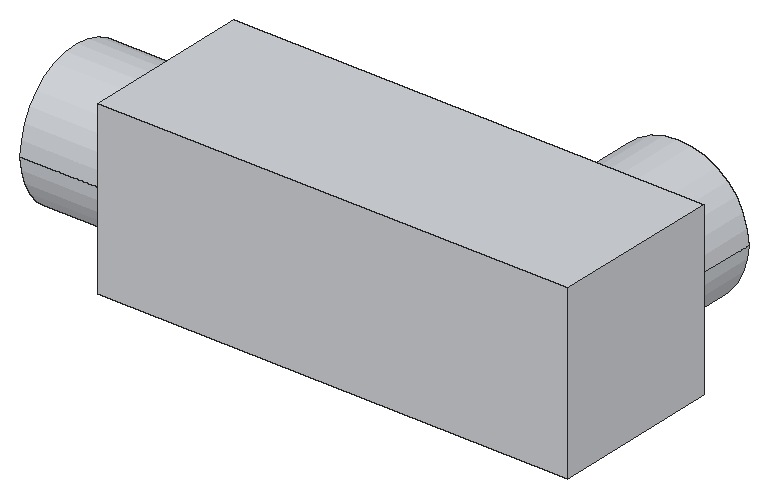
Revit family "5ad0a717a88a4d75bbf52b37fd73f551", category Conduit Fittings, Revit 2021
Family settings
  Round Connector Dimension = Use Radius
  Part Type = Junction Box Elbow
  OmniClass Number = 23.80.30.17.11
  OmniClass Title = Conduits
  Work Plane-Based = No
  Always vertical = Yes
  Cut with Voids When Loaded = No
  Shared = No
Parameters (values of type "Standard")
  Total Length 2 [instance] = size_lookup(Conduit Size Lookup, "TLgt2", 1.4 * Max Nominal Diameter 12 + 1 45/128", Max Nominal Diameter 12)  # 2"
  Total Length 1 [instance] = size_lookup(Conduit Size Lookup, "TLgt1", 3.64 * Max Nominal Diameter 12 + 2 91/128", Max Nominal Diameter 12)  # 4 5/16"
  Nominal Radius 2 [instance] = 1/4"
  Nominal Radius 1 [instance] = 1/4"
  Nominal Diameter 2 [instance] = Nominal Radius 2 * 2  # 1/2"
  Nominal Diameter 1 [instance] = Nominal Radius 1 * 2  # 1/2"
  Max Nominal Diameter 12 [instance] = if(Nominal Diameter 1 > Nominal Diameter 2, Nominal Diameter 1, Nominal Diameter 2)  # 1/2"
  Length 2 [instance] = Total Length 1 - Center to End 1  # 3/4"
  Length 1 [instance] = Center to End 1 - Conduit Length 1  # 2 7/8"
  Fitting Outside Radius 2 [instance] = Fitting Outside Diameter 2 * 0.5  # 0.54"
  Fitting Outside Radius 1 [instance] = Fitting Outside Diameter 1 * 0.5  # 0.54"
  Fitting Outside Diameter 2 [instance] = size_lookup(Conduit Size Lookup, "FOD", 1.15 * Nominal Diameter 2 + 59/128", Nominal Diameter 2)  # 1.08"
  Fitting Outside Diameter 1 [instance] = size_lookup(Conduit Size Lookup, "FOD", 1.15 * Nominal Diameter 1 + 59/128", Nominal Diameter 1)  # 1.08"
  Default Elevation = 0' - 0"
  Conduit Size Lookup = "Conduit Body - Type L - Aluminum"
  Conduit Length 2 [instance] = size_lookup(Conduit Size Lookup, "CLgt", 0.09 * Nominal Diameter 2 + 179/256", Nominal Diameter 2)  # 11/16"
  Conduit Length 1 [instance] = size_lookup(Conduit Size Lookup, "CLgt", 0.09 * Nominal Diameter 1 + 179/256", Nominal Diameter 1)  # 11/16"
  Center to End 1 [instance] = size_lookup(Conduit Size Lookup, "CtE1", 2.8 * Max Nominal Diameter 12 + 2 87/256", Max Nominal Diameter 12)  # 3 9/16"
  Length 3 [instance] = Total Length 2 - Conduit Length 2  # 1 5/16"
Reference planes (in)
  plane 1 "Center (Front/Back)": y = 0
  plane 2: z = 0
  plane 3 "Center (Left/Right)": x = 0
  plane 4: x = -2.875
  plane 5: x = 0.75
  plane 6: y = 0.65625
  plane 7: y = -0.65625
  plane 8: z = 0.65625
  plane 9: z = -0.65625
  plane 10: x = -3.5625
  plane 11: y = 1.34375
Forms (in)
  Extrusion 1, solid
    sketch origin (0, 0, 0) x (1, 0, 0) y (0, 1, 0)
      loop
        line (-2.875, 0.65625) -> (-2.875, -0.65625) -> (0.75, -0.65625) -> (0.75, 0.65625) -> (-2.875, 0.65625)
    from -0.65625 to 0.65625
  Extrusion 2, solid, detail levels fine
    sketch origin (0, 0, 0) x (0, 1, 0) y (0, 0, 1)
      loop
        circle (0, 0) r 0.54
    from -3.5625 to -2.875
  Extrusion 3, solid, detail levels fine
    sketch origin (0, 0, 0) x (1, 0, 0) y (0, 0, 1)
      loop
        circle (0, 0) r 0.54
    from -0.65625 to -1.34375
Cuts and joins
  joined: Extrusion 2, Extrusion 3
Lines and regions (in)
  model lines, detail levels coarse+medium
    curve 1: line (-3.5625, 0, 0) -> (-2.875, 0, 0)
    curve 2: line (0, 1.34375, 0) -> (0, 0.65625, 0)
Dimensions and locks (in)
  "Length 1": plane 4 to plane 3 "Center (Left/Right)"
  "Length 2": plane 3 "Center (Left/Right)" to plane 5
  equal spacing: plane 6, plane 1 "Center (Front/Back)", plane 7
  "Length 3": plane 6 to plane 7
  equal spacing: plane 8, plane 2, plane 9
  "Length 3": plane 8 to plane 9
  "Conduit Length 1": plane 10 to plane 4
  "Conduit Length 2": plane 11 to plane 6
  "Fitting Outside Radius 1": radius of Extrusion 2 sketch curve
  "Fitting Outside Radius 2": radius of Extrusion 3 sketch curve
  aligned and locked: Extrusion 1 to plane 7
  aligned and locked: plane 6 to Extrusion 1
  aligned and locked: Extrusion 1 to plane 4
  aligned and locked: plane 5 to Extrusion 1
  aligned and locked: plane 8 to Extrusion 1
  aligned and locked: Extrusion 1 to plane 9
  aligned and locked: plane 2 to Extrusion 2 sketch curve
  aligned and locked: plane 1 "Center (Front/Back)" to Extrusion 2 sketch curve
  aligned and locked: plane 4 to Extrusion 2
  aligned and locked: Extrusion 2 to plane 10
  aligned and locked: plane 2 to Extrusion 3 sketch curve
  aligned and locked: plane 3 "Center (Left/Right)" to Extrusion 3 sketch curve
  aligned and locked: plane 11 to Extrusion 3
  aligned and locked: plane 10 to curve 1
  aligned and locked: plane 4 to curve 1
  aligned and locked: plane 1 "Center (Front/Back)" to curve 1
  aligned and locked: plane 11 to curve 2
  aligned and locked: plane 6 to curve 2
  aligned and locked: curve 2 to plane 3 "Center (Left/Right)"
  aligned and locked: cut or joined group of Extrusion 2, Extrusion 3 to plane 6
Automatic sketch dimensions
  plane 4 to Extrusion 1 sketch curve = 0' - 0"
  Extrusion 1 sketch curve to plane 5 = 0' - 0"
  plane 1 "Center (Front/Back)" to Extrusion 1 sketch curve = 0' - 0 21/32"
  Extrusion 1 sketch curve to plane 1 "Center (Front/Back)" = 0' - 0 21/32"
Connectors (in)
  cabletrayconduit at (-3.5625, 0, 0), diameter 0.5, driven by "Nominal Radius 1"
    settings: on Extrusion 2, index 1, connector width 1' - 0", connector height 1' - 0", connector angle 0.00°, system type 32, placement type 0, profile type 0, connector reference index 2, is primary connector yes, connector utility param no, connector description ""
  cabletrayconduit at (0, 1.34375, 0), diameter 0.5, driven by "Nominal Radius 2"
    settings: on Extrusion 3, index 2, connector width 1' - 0", connector height 1' - 0", connector angle 0.00°, system type 32, placement type 0, profile type 0, connector reference index 1, is primary connector no, connector utility param no, connector description ""
